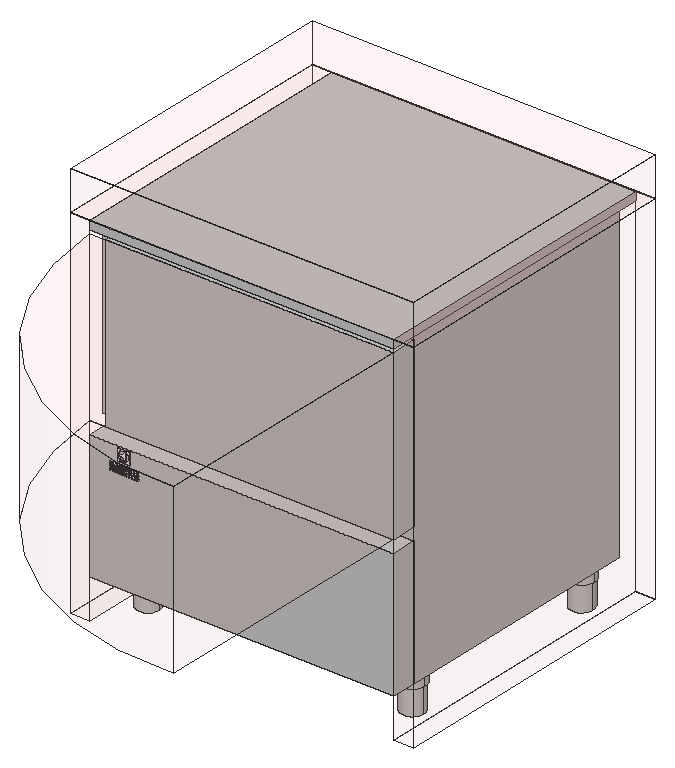
Revit family "QF_ELECTROLUXPROFESSIONAL_725209_ECBCFA015SB", category Attrezzature speciali, Revit 2018
Family settings
  Quota connettore circolare = Usa diametro
  Tipo di parte = Normale
  Basato su piano di lavoro = No
  Sempre verticale = Sì
  Taglio con vuoti quando caricato = No
  Condiviso = No
  Punto di calcolo locali = No
Parameters (values of type "Standard")
  Weight = 85.00 kg
  Watts = 830 W
  Volts = 220 V
  URL Manufacturer = "https://www.electroluxprofessional.com/"
  URL = "https://www.electroluxprofessional.com/"
  Steam Supply Size = 0 mm
  Steam Supply Minimum Pressure = 0.0 Pa
  Steam Supply Maximum Pressure = 0.0 Pa
  Steam Consumption per Hour = 0
  Show Logo [instance] = yes
  Show Clearance [instance] = yes
  Refrigeration Suction Line Size = 0 mm
  Refrigeration Liquid Line Size = 0 mm
  Refrigerant Compressor Remote = yes
  Produttore = "Electrolux Professional"
  Phase = 1
  Modello = "ECBCFA015SB"
  Length Actual = 762 mm  # constant formula
  Item Number = "725209"
  Hot Water Size = 0 mm
  Height Actual = 902 mm  # constant formula
  HP = "1.1 HP"
  Gas Size = 0 mm
  Gas KW = 0
  Gas Input Pressure = 0 W
  Direct Waste Size = 0 mm
  Descrizione = "BLAST CHILLER/FREEZER CW 15KG 5 GN 1/1 - R452A - 60HZ"
  Depth Actual = 760 mm  # constant formula
  Cycle = 60 Hz
  Condensate Return Size = 0 mm
  Compressed Air Volume = 0.0 L/s
  Compressed Air Size = 0 mm
  Compressed Air Pressure = 0.0 Pa
  Cold Water Size = 0 mm
  Accessory = yes
Types (2, lengths in mm): name | URL | Produttore | Phase | Modello | Descrizione
  (no name) | 0 | 0 | 0 | 0 | 0
  Standard | "https://www.electroluxprofessional.com/" | "Electrolux Professional" | 1 | "ECBCFA015SB" | "BLAST CHILLER/FREEZER CW 15KG 5 GN 1/1 - R452A - 60HZ"
Values of the unnamed type that differ from the named types
  Weight = 0.00 kg
  Watts = 0 W
  Volts = 0 V
  URL Manufacturer = ""
  Item Number = ""
  HP = ""
  Cycle = 0 Hz
Reference planes
  plane 1 "Center X": y = 167.851
  plane 2: z = 0
  plane 3 "Center Y": x = -378
  plane 4 "LEFT": x = -759
  plane 5 "BACK": y = 547.851
  plane 6 "RIGHT": x = 3
  plane 7 "FRONT": y = -212.149
  plane 8: z = 100
  plane 9 "TOP": z = 902
  plane 10: x = -710
  plane 11: y = 440.851
  plane 12: x = -46
  plane 13: y = -52.149
  plane 14: y = 496.851
  plane 15: z = 882
  plane 16: y = -902.149
Forms (mm)
  Extrusion 1, solid, material "QF_Finishes_Stainless Steel"
    sketch origin (0, 0, 902) x (-1, 0, 0) y (0, -1, 0)
      loop
        line (759, -496.851) -> (759, 147.149) -> (-3, 147.149) -> (-3, -496.851) -> (759, -496.851)
    from -20 to -802
  Extrusion 2, solid, material "QF_Finishes_Stainless Steel"
    sketch origin (-499.727, 496.851, 794) x (1, 0, 0) y (0, 0, -1)
      loop
        circle (121.727, 644) r 10.5
    from 0 to 10
  Extrusion 3, solid, material "QF_Finishes_Stainless Steel"
    sketch origin (-1206.916, -1524, 100) x (-1, 0, 0) y (0, -1, 0)
      loop
        line (-447.916, -1311.851) -> (-1209.916, -1311.851) -> (-1209.916, -1376.851) -> (-447.916, -1376.851) -> (-447.916, -1311.851)
    from 320.766 to 0
  Extrusion 4, solid, material "QF_Finishes_Stainless Steel"
    sketch origin (-1225.916, -1562, 130) x (0, -1, 0) y (-1, 0, 0)
      loop
        circle (-1673.851, -847.916) r 9.5
    from 30 to 40
  Extrusion 5, solid, material "QF_Finishes_Stainless Steel"
    sketch origin (-623, 0, 1060.038) x (1, 0, 0) y (0, 1, 0)
      loop
        line (626, -212.149) -> (626, -147.149) -> (-136, -147.149) -> (-136, -212.149) -> (626, -212.149)
    from -186.804 to -608.038
  Extrusion 6, solid, material "QF_Finishes_Stainless Steel"
    sketch origin (-1206.916, -1524, 882) x (-1, 0, 0) y (0, -1, 0)
      loop
        line (-447.916, -2071.851) -> (-447.916, -1311.851) -> (-1209.916, -1311.851) -> (-1209.916, -2071.851) -> (-447.916, -2071.851)
    from 20 to 0
  Extrusion 7, solid, material "QF_Clearance", visible <- "Show Clearance"
    sketch origin (0, 0, 0) x (1, 0, 0) y (0, 1, 0)
      loop
        line (-759, 547.851) -> (-809, 547.851) -> (-809, -212.149) -> (-759, -212.149) -> (-759, 547.851)
      loop
        line (53, 547.851) -> (3, 547.851) -> (3, -212.149) -> (53, -212.149) -> (53, 547.851)
    from 0 to 902
  Extrusion 8, solid, material "QF_Clearance", visible <- "Show Clearance"
    sketch origin (0, 0, 0) x (1, 0, 0) y (0, 1, 0)
      loop
        line (-809, 547.851) -> (-809, -212.149) -> (53, -212.149) -> (53, 547.851) -> (-809, 547.851)
    from 902 to 1002
  Extrusion 9, void
    sketch origin (0, 0, 0) x (1, 0, 0) y (0, 1, 0)
      loop
        line (-759, -212.149) -> (-719, -212.149) -> (-719, -172.149) -> (-759, -172.149) -> (-759, -212.149)
    from 452 to 873.234
  Extrusion 10, solid, material "QF_Clearance"
    sketch origin (0, 0, 0) x (1, 0, 0) y (0, 1, 0)
      loop
        line (3, -902.149) -> (3, -212.149) -> (-759, -212.149)
        arc (-759, -212.149) -> (-521.162, -715.25) -> (3, -902.149) r 725.966
    from 452 to 873.234
Cuts and joins
  joined: Extrusion 1, Extrusion 2, Extrusion 4
  Extrusion 9 cuts Extrusion 3
  Extrusion 9 cuts Extrusion 7
  Extrusion 9 cuts Extrusion 5
Lines and regions (mm)
  Split face 1
    outline origin (3, -212.149, 100) x (-1, 0, 0) y (0, 0, -1)
      loop
        line (762, -254.5) -> (544.5, -254.5) -> (522.858, -232.858) -> (239.142, -232.858) -> (217.5, -254.5) -> (0, -254.5)
  Split face 2
    outline origin (3, -212.149, 100) x (-1, 0, 0) y (0, 0, -1)
      loop
        line (762, -212) -> (0, -212)
  Split face 3
    outline origin (3, -212.149, 100) x (-1, 0, 0) y (0, 0, -1)
      loop
        line (408.5, -305.998) -> (408.5, -290.998) -> (353.5, -290.998) -> (353.5, -305.998) -> (408.5, -305.998)
  Split face 4
    outline origin (3, -212.149, 75) x (-1, 0, 0) y (0, 0, -1)
      loop
        line (408.5, -305.998) -> (408.5, -290.998) -> (353.5, -290.998) -> (353.5, -305.998) -> (408.5, -305.998)
  symbolic lines
    curve 1: line (-759, 547.851, 902) -> (3, 547.851, 902)
    curve 2: line (-759, -212.149, 902) -> (-759, 547.851, 902)
    curve 3: line (3, 547.851, 902) -> (3, -212.149, 902)
    curve 4: line (3, -212.149, 0) -> (-759, -212.149, 0)
  symbolic lines, style "QF_Clearances"
    curve 5: line (-809, 547.851, 0) -> (-809, -212.149, 0)
    curve 6: line (-809, -212.149, 0) -> (-759, -212.149, 0)
    curve 7: line (53, 547.851, 0) -> (3, 547.851, 0)
    curve 8: line (53, 547.851, 0) -> (53, -212.149, 0)
    curve 9: line (-759, 547.851, 0) -> (-809, 547.851, 0)
    curve 10: line (3, -212.149, 0) -> (53, -212.149, 0)
  symbolic lines, style "QF_Door-Drawer Clearances"
    curve 11: arc (-759, -212.149, 0) -> (-521.162, -715.25, 0) -> (3, -902.149, 0) r 725.966
    curve 12: line (3, -902.149, 0) -> (3, -212.149, 0)
Dimensions and locks
  equal spacing: plane 4 "LEFT", plane 3 "Center Y", plane 6 "RIGHT"
  plane 4 "LEFT" to plane 6 "RIGHT" = 762 mm
  plane 5 "BACK" to plane 7 "FRONT" = 760 mm
  equal spacing: plane 5 "BACK", plane 1 "Center X", plane 7 "FRONT"
  cut or joined group of Extrusion 1, Extrusion 2, Extrusion 4 to Extrusion 2 sketch curve = 381 mm
  level to Extrusion 2 sketch curve = 150 mm
  plane 5 "BACK" to Extrusion 4 sketch curve = 436 mm
  plane 4 "LEFT" to Extrusion 4 sketch curve = 381 mm
  Extrusion 2 sketch curve to plane 4 "LEFT" = 381 mm
  plane 9 "TOP" to plane 2 = 902 mm
  locked: plane 9 "TOP" to plane 15 at 20
  plane 8 to level = 100 mm
  plane 6 "RIGHT" to plane 12 = 49 mm
  plane 5 "BACK" to plane 14 = 51 mm
  plane 5 "BACK" to plane 16 = 1450 mm
  aligned and locked: level to plane 2
  aligned and locked: plane 12 to nested 3
  aligned and locked: plane 12 to nested 2
  aligned and locked: nested 4 to plane 11
  aligned and locked: nested 3 to plane 11
  aligned and locked: Extrusion 1 to plane 4 "LEFT"
  aligned and locked: plane 6 "RIGHT" to Extrusion 1
  aligned and locked: plane 15 to cut or joined group of Extrusion 1, Extrusion 2, Extrusion 4
  aligned and locked: plane 14 to Extrusion 1
  aligned and locked: Extrusion 8 sketch curve to Extrusion 7  (x4)
  aligned and locked: Extrusion 8 to plane 9 "TOP"
Automatic sketch dimensions
  Extrusion 1 sketch curve to plane 6 "RIGHT" = 0 mm
  Extrusion 1 sketch curve to plane 4 "LEFT" = 0 mm
  Extrusion 1 sketch curve to plane 14 = 0 mm
  plane 7 "FRONT" to Extrusion 1 sketch curve = 65 mm
  curve 1 to plane 5 "BACK" = 0 mm
  curve 1 to plane 6 "RIGHT" = 0 mm
  curve 2 to plane 4 "LEFT" = 0 mm
  curve 3 to plane 7 "FRONT" = 0 mm
  curve 2 to plane 7 "FRONT" = 0 mm
  Extrusion 3 sketch curve to plane 6 "RIGHT" = 0 mm
  Extrusion 3 sketch curve to plane 4 "LEFT" = 0 mm
  Extrusion 3 sketch curve to plane 7 "FRONT" = 0 mm
  Extrusion 3 sketch curve to Extrusion 3 sketch curve = 65 mm
  Extrusion 5 sketch curve to plane 7 "FRONT" = 0 mm
  Extrusion 5 sketch curve to plane 10 = 49 mm
  Extrusion 5 sketch curve to plane 6 "RIGHT" = 0 mm
  Extrusion 5 sketch curve to Extrusion 5 sketch curve = 65 mm
  Extrusion 6 sketch curve to plane 5 "BACK" = 0 mm
  Extrusion 6 sketch curve to plane 6 "RIGHT" = 0 mm
  Extrusion 6 sketch curve to plane 4 "LEFT" = 0 mm
  Extrusion 6 sketch curve to plane 7 "FRONT" = 0 mm
  Split face 2 sketch curve to Extrusion 3 = 0 mm
  Extrusion 3 to Split face 2 sketch curve = 0 mm
  Split face 2 sketch curve to Extrusion 3 = 108.766 mm
  Split face 3 sketch curve to Extrusion 3 = 14.768 mm
  Split face 3 sketch curve to Extrusion 3 = 353.5 mm
  Split face 3 sketch curve to Split face 3 sketch curve = 55 mm
  Split face 3 sketch curve to Split face 3 sketch curve = 15 mm
  Split face 4 sketch curve to Extrusion 3 = 39.768 mm
  Split face 4 sketch curve to Extrusion 3 = 353.5 mm
  Split face 4 sketch curve to Split face 4 sketch curve = 55 mm
  Split face 4 sketch curve to Split face 4 sketch curve = 15 mm
  Extrusion 7 sketch curve to plane 7 "FRONT" = 0 mm  (x2)
  Extrusion 7 sketch curve to plane 5 "BACK" = 0 mm  (x2)
  Extrusion 7 sketch curve to plane 4 "LEFT" = 0 mm
  Extrusion 7 sketch curve to plane 6 "RIGHT" = 0 mm
  Extrusion 7 sketch curve to Extrusion 7 sketch curve = 50 mm
  plane 6 "RIGHT" to Extrusion 7 sketch curve = 50 mm
  curve 6 to plane 7 "FRONT" = 0 mm
  curve 5 to plane 5 "BACK" = 0 mm
  plane 6 "RIGHT" to curve 8 = 50 mm
  curve 7 to plane 5 "BACK" = 0 mm
  curve 6 to plane 4 "LEFT" = 0 mm
  curve 9 to plane 4 "LEFT" = 0 mm
  curve 9 to curve 9 = 50 mm
  curve 7 to plane 6 "RIGHT" = 0 mm
  Extrusion 9 sketch curve to plane 4 "LEFT" = 0 mm
  Extrusion 9 sketch curve to plane 7 "FRONT" = 0 mm
  Extrusion 9 sketch curve to plane 10 = 9 mm
  plane 7 "FRONT" to Extrusion 9 sketch curve = 40 mm
  Extrusion 10 sketch curve to plane 4 "LEFT" = 0 mm
  Extrusion 10 sketch curve to plane 6 "RIGHT" = 0 mm
  Extrusion 10 sketch curve to plane 16 = 0 mm
  Extrusion 10 sketch curve to plane 7 "FRONT" = 0 mm
  plane 12 to Extrusion 10 sketch curve = 12.12 mm
  curve 11 to plane 6 "RIGHT" = 0 mm
  curve 11 to plane 16 = 0 mm
  plane 12 to curve 11 = 12.12 mm
  Split face 1 sketch curve to Extrusion 3 = 0 mm
  Extrusion 3 to Split face 1 sketch curve = 0 mm
  Split face 1 sketch curve to Extrusion 3 = 66.266 mm
  Split face 1 sketch curve to Extrusion 3 = 217.5 mm
  Split face 1 sketch curve to Split face 1 sketch curve = 21.642 mm  (x3)
  Split face 1 sketch curve to Extrusion 3 = 87.908 mm
  Split face 1 sketch curve to Extrusion 3 = 239.142 mm
  radius of Extrusion 2 sketch curve = 10.5 mm
  radius of Extrusion 4 sketch curve = 9.5 mm
Nested families
  nested 1: "Foot_Complete" at (-710, -91.149, 0), type "Foot_Complete"
    with H 100 mm
  nested 2: "Foot_Complete" at (-46, -91.149, 0), type "Foot_Complete"
    with H 100 mm
  nested 3: "Foot_Complete" at (-46, 440.851, 0), type "Foot_Complete"
    with H 100 mm
  nested 4: "Foot_Complete" at (-710, 440.851, 0), type "Foot_Complete"
    with H 100 mm
  nested 5: "ELX_Pro_Logo" at (-673, -212.149, 384.5) x (1, 0, 0) z (0, -1, 0), type "ELX_Pro_Logo"
Connectors
  electrical at (-378, 506.851, 150), driven by "Volts"
    settings: on Extrusion 2, index 5, voltage 220 V, apparent load 0 VA, apparent load phase1 0 VA, apparent load phase2 0 VA, apparent load phase3 0 VA, power factor 1, load classification "Altro", number of poles 1, system type 30, power factor state 1, is connector primary yes, connector utility no, sub classification motor no, connector description "Electrical Connection"
  piping at (-378, 111.851, 90), diameter 19
    settings: on cut or joined group of Extrusion 1, Extrusion 2, Extrusion 4, index 6, connector inside diameter 609.6 mm, connector length 0 mm, flow factor 0, pipe flow 0.0 L/s, pressure drop 0.0 Pa, fitting loss kfactor 0, connector angle 0.00°, fixture units 0, engagement length 0 mm, angle of deflection 0.00°, flow configuration 1, flow direction 2, fitting loss method 0, system type 16, joint type 0, gender type 0, connector reference index -1, connector utility 0, adjustable connector no, is connector primary yes, connector description "Drain"
Definition of nested family "Foot_Complete"
  Parameters
    R = 32 mm
    H = 150 mm
  Reference planes
    plane 1 "Centro (Fronte/Retro)": y = 0
    plane 2: z = 0
    plane 3 "Centro (Sinistra/Destra)": x = 0
    plane 4: z = 150
  Forms (mm)
    Revolve 1, solid
      sketch origin (255.05, 0, 608.09) x (0, 0, 1) y (-1, 0, 0)
        loop
          line (-608.09, 255.05) -> (-608.09, 226.55) -> (-544.09, 226.55) -> (-544.09, 223.05) -> (-458.09, 223.05) -> (-458.09, 255.05) -> (-608.09, 255.05)
        axis (-608.09, 255.05) -> (-458.09, 255.05)
      angle from 0 to 360
  Dimensions and locks
    locked: level to Revolve 1 sketch curve at 64
    "R": Revolve 1 sketch curve to plane 3 "Centro (Sinistra/Destra)"
    "H": plane 4 to level
    aligned and locked: level to plane 2
    aligned and locked: plane 4 to Revolve 1 sketch curve
    aligned and locked: Revolve 1 sketch curve to level
    aligned and locked: plane 3 "Centro (Sinistra/Destra)" to Revolve 1 sketch curve
  Automatic sketch dimensions
    Revolve 1 sketch curve to plane 3 "Centro (Sinistra/Destra)" = 0 mm
    plane 3 "Centro (Sinistra/Destra)" to Revolve 1 sketch curve = 28.5 mm
    Revolve 1 sketch curve to Revolve 1 sketch curve = 50 mm
    Revolve 1 sketch curve to Revolve 1 sketch curve = 20 mm
Definition of nested family "ELX_Pro_Logo"
  Parameters (values of type "ELX_Pro_Logo")
    M = none
    Default Elevation = 0 mm
  Reference planes
    plane 1 "Centro (Fronte/Retro)": y = 0
    plane 2: z = 0
    plane 3 "Centro (Sinistra/Destra)": x = 0
  Forms (mm)
    Extrusion 1, solid
      sketch origin (0, 0, 0) x (1, 0, 0) y (0, 1, 0)
        loop
          line (-1219.2, 1219.2) -> (-1219.2, -1219.2) -> (1219.2, -1219.2) -> (1219.2, 1219.2) -> (-1219.2, 1219.2)
      from 0 to -304.8
    Extrusion 2, solid, material <- "M"
      sketch origin (-144.622, -1081.55, 0) x (-1, 0, 0) y (0, -1, 0)
        loop
          line (-111.329, -1069.559) -> (-111.329, -1071.073) -> (-116.048, -1071.073) -> (-116.048, -1072.896) -> (-111.328, -1072.896) -> (-111.328, -1075.549) -> (-116.349, -1075.549) -> (-116.349, -1077.368) -> (-109.396, -1077.368) -> (-109.396, -1073.46) -> (-109.396, -1069.659)
          arc (-109.396, -1069.659) -> (-110.425, -1067.175) -> (-112.909, -1066.146) r 3.513
          line (-112.909, -1066.146) -> (-116.483, -1066.146) -> (-116.483, -1067.963) -> (-112.925, -1067.963)
          arc (-112.925, -1067.963) -> (-111.797, -1068.431) -> (-111.329, -1069.559) r 1.596
        loop
          line (-119.79, -1077.358) -> (-117.856, -1077.358) -> (-117.856, -1072.053) -> (-117.856, -1066.132) -> (-119.79, -1066.132) -> (-119.79, -1072.092) -> (-119.79, -1077.358)
        loop
          line (-122.986, -1069.718) -> (-129.327, -1069.718)
          arc (-129.327, -1069.718) -> (-129.219, -1071.449) -> (-128.497, -1073.026) r 4.757
          arc (-128.497, -1073.026) -> (-125.237, -1074.5) -> (-121.978, -1073.026) r 4.34
          arc (-121.978, -1073.026) -> (-121.072, -1070.207) -> (-121.978, -1067.388) r 4.838
          arc (-121.978, -1067.388) -> (-125.393, -1065.933) -> (-128.809, -1067.388) r 4.737
          line (-128.809, -1067.388) -> (-127.645, -1068.52)
          arc (-127.645, -1068.52) -> (-125.509, -1067.576) -> (-123.374, -1068.52) r 2.888
          arc (-123.374, -1068.52) -> (-123.05, -1069.077) -> (-122.986, -1069.718) r 1.527
        loop
          arc (-127.386, -1071.076) -> (-126.67, -1072.331) -> (-125.331, -1072.872) r 2.201
          arc (-125.331, -1072.872) -> (-123.848, -1072.402) -> (-123.033, -1071.076) r 2.23
          line (-123.033, -1071.076) -> (-127.386, -1071.076)
        loop
          line (-136.862, -1071.886) -> (-138.059, -1073.132)
          arc (-138.059, -1073.132) -> (-130.327, -1070.219) -> (-138.059, -1067.306) r 4.415
          line (-138.059, -1067.306) -> (-136.862, -1068.553)
          arc (-136.862, -1068.553) -> (-132.252, -1070.22) -> (-136.862, -1071.886) r 2.606
        loop
          line (-141.192, -1069.673) -> (-141.192, -1072.494) -> (-142.951, -1072.494) -> (-142.951, -1074.25) -> (-141.195, -1074.25) -> (-141.195, -1077.358) -> (-139.262, -1077.358) -> (-139.262, -1073.332) -> (-139.262, -1069.514)
          arc (-139.262, -1069.514) -> (-140.299, -1066.92) -> (-142.98, -1066.132) r 3.196
          line (-142.98, -1066.132) -> (-142.987, -1067.949)
          arc (-142.987, -1067.949) -> (-141.652, -1068.356) -> (-141.192, -1069.673) r 1.542
        loop
          line (-146.494, -1073.042) -> (-146.494, -1074.25) -> (-144.576, -1074.25) -> (-144.576, -1070.271) -> (-144.576, -1066.132) -> (-146.494, -1066.132) -> (-146.494, -1070.401)
          arc (-146.494, -1070.401) -> (-147.446, -1072.228) -> (-149.489, -1072.494) r 2.229
          line (-149.489, -1072.494) -> (-149.489, -1074.362)
          arc (-149.489, -1074.362) -> (-147.761, -1074.226) -> (-146.494, -1073.042) r 2.627
        loop
          line (-159.833, -1072.246) -> (-159.833, -1066.131) -> (-161.767, -1066.131) -> (-161.767, -1072.17) -> (-161.767, -1077.359) -> (-159.833, -1077.359) -> (-159.833, -1072.246)
        loop
          line (-165.194, -1069.514) -> (-165.194, -1074.25) -> (-163.245, -1074.25) -> (-163.245, -1071.898) -> (-163.245, -1069.098)
          arc (-163.245, -1069.098) -> (-166.96, -1065.769) -> (-170.687, -1069.085) r 3.745
          line (-170.687, -1069.085) -> (-170.687, -1071.898) -> (-170.687, -1074.25) -> (-168.739, -1074.25) -> (-168.739, -1069.514)
          arc (-168.739, -1069.514) -> (-166.967, -1067.742) -> (-165.194, -1069.514) r 1.772
        loop
          line (-174.654, -1070.416) -> (-172.975, -1068.078) -> (-171.578, -1066.131) -> (-173.656, -1066.131) -> (-175.717, -1068.999) -> (-177.779, -1066.131) -> (-179.857, -1066.131) -> (-178, -1068.728) -> (-176.781, -1070.433) -> (-178.29, -1072.488) -> (-179.583, -1074.25) -> (-177.473, -1074.25) -> (-175.717, -1071.818) -> (-173.945, -1074.25) -> (-171.852, -1074.25) -> (-173.052, -1072.608) -> (-174.654, -1070.416)
        loop
          circle (-154.223, -1070.188) r 2.508
        loop
          circle (-154.223, -1070.188) r 4.42
        loop
          line (-110.224, -1058.542) -> (-111.194, -1058.542)
          arc (-111.194, -1058.542) -> (-112.217, -1059.95) -> (-110.924, -1061.114) r 1.3
          line (-110.924, -1061.114) -> (-109.424, -1061.114) -> (-109.424, -1057.223) -> (-110.224, -1057.223) -> (-110.224, -1058.542)
        loop
          line (-110.224, -1060.379) -> (-110.224, -1059.293) -> (-111.03, -1059.293)
          arc (-111.03, -1059.293) -> (-111.43, -1059.836) -> (-111.03, -1060.379) r 0.569
          line (-111.03, -1060.379) -> (-110.224, -1060.379)
        loop
          line (-116.302, -1058.564) -> (-117.128, -1058.564) -> (-117.934, -1057.223) -> (-118.841, -1057.223) -> (-117.833, -1058.884)
          arc (-117.833, -1058.884) -> (-118.214, -1060.282) -> (-117.028, -1061.114) r 1.26
          line (-117.028, -1061.114) -> (-115.503, -1061.114) -> (-115.503, -1057.223) -> (-116.302, -1057.223) -> (-116.302, -1058.564)
        loop
          line (-116.302, -1060.379) -> (-116.302, -1059.293) -> (-117.109, -1059.293)
          arc (-117.109, -1059.293) -> (-117.508, -1059.836) -> (-117.109, -1060.379) r 0.569
          line (-117.109, -1060.379) -> (-116.302, -1060.379)
        loop
          line (-128.923, -1057.223) -> (-129.723, -1057.223) -> (-129.723, -1058.714) -> (-131.187, -1058.714) -> (-131.187, -1059.514) -> (-129.723, -1059.514) -> (-129.723, -1060.314) -> (-131.327, -1060.314) -> (-131.327, -1061.114) -> (-128.923, -1061.114) -> (-128.923, -1057.223)
        loop
          arc (-134.628, -1058.469) -> (-134.992, -1057.588) -> (-135.874, -1057.223) r 1.246
          line (-135.874, -1057.223) -> (-137.13, -1057.223) -> (-137.13, -1058.023) -> (-135.969, -1058.023)
          arc (-135.969, -1058.023) -> (-135.53, -1058.237) -> (-135.427, -1058.714) r 0.558
          line (-135.427, -1058.714) -> (-136.984, -1058.714) -> (-136.984, -1059.514) -> (-135.427, -1059.514) -> (-135.427, -1060.314) -> (-137.092, -1060.314) -> (-137.092, -1061.114) -> (-134.628, -1061.114) -> (-134.628, -1058.469)
        loop
          line (-152.3, -1057.223) -> (-153.1, -1057.223) -> (-153.1, -1061.114) -> (-152.3, -1061.114) -> (-152.3, -1057.223)
        loop
          line (-164.67, -1057.223) -> (-164.67, -1059.67) -> (-166.45, -1057.223) -> (-167.25, -1057.223) -> (-167.25, -1061.114) -> (-166.42, -1061.114) -> (-166.42, -1058.594) -> (-164.64, -1061.114) -> (-163.84, -1061.114) -> (-163.84, -1057.223) -> (-164.67, -1057.223)
        loop
          line (-170.403, -1057.223) -> (-171.262, -1057.223) -> (-171.641, -1058.063) -> (-173.08, -1058.063) -> (-173.459, -1057.223) -> (-174.317, -1057.223) -> (-172.796, -1061.113) -> (-171.996, -1061.113) -> (-170.403, -1057.223)
        loop
          line (-177.493, -1057.223) -> (-179.789, -1057.223) -> (-179.789, -1058.023) -> (-178.293, -1058.023) -> (-178.293, -1061.114) -> (-177.493, -1061.114) -> (-177.493, -1057.223)
        loop
          line (-172.362, -1059.848) -> (-171.945, -1058.83) -> (-172.76, -1058.83) -> (-172.362, -1059.848)
        loop
          circle (-158.484, -1059.145) r 1.288
        loop
          circle (-158.484, -1059.145) r 2.065
        loop
          arc (-146.04, -1058.095) -> (-146.933, -1057.275) -> (-148.145, -1057.245) r 1.725
          arc (-148.145, -1057.245) -> (-148.965, -1058.02) -> (-148.68, -1059.111) r 1.107
          arc (-148.68, -1059.111) -> (-148.103, -1059.465) -> (-147.486, -1059.746) r 5.523
          arc (-147.486, -1059.746) -> (-147.147, -1060.262) -> (-147.708, -1060.52) r 0.407
          arc (-147.708, -1060.52) -> (-148.045, -1060.315) -> (-148.325, -1060.038) r 1.702
          line (-148.325, -1060.038) -> (-149.011, -1060.45)
          arc (-149.011, -1060.45) -> (-148.578, -1060.911) -> (-148.043, -1061.247) r 2.463
          arc (-148.043, -1061.247) -> (-146.373, -1060.466) -> (-147.42, -1058.949) r 1.207
          spline (-147.42, -1058.949) -> (-147.716, -1058.809) -> (-147.932, -1058.678) -> (-148.077, -1058.557) -> (-148.163, -1058.446) -> (-148.198, -1058.347) -> (-148.192, -1058.258) -> (-148.157, -1058.182) -> (-148.102, -1058.118) -> (-148.037, -1058.068) -> (-147.972, -1058.031) -> (-147.917, -1058.008) -> (-147.883, -1058)
          arc (-147.883, -1058) -> (-147.238, -1058.014) -> (-146.759, -1058.446) r 0.925
          line (-146.759, -1058.446) -> (-146.04, -1058.095)
        loop
          arc (-140.18, -1058.095) -> (-141.073, -1057.275) -> (-142.285, -1057.245) r 1.725
          arc (-142.285, -1057.245) -> (-143.106, -1058.02) -> (-142.821, -1059.111) r 1.107
          arc (-142.821, -1059.111) -> (-142.243, -1059.465) -> (-141.627, -1059.746) r 5.523
          arc (-141.627, -1059.746) -> (-141.287, -1060.262) -> (-141.849, -1060.52) r 0.407
          arc (-141.849, -1060.52) -> (-142.185, -1060.315) -> (-142.466, -1060.038) r 1.702
          line (-142.466, -1060.038) -> (-143.151, -1060.45)
          arc (-143.151, -1060.45) -> (-142.719, -1060.911) -> (-142.183, -1061.247) r 2.463
          arc (-142.183, -1061.247) -> (-140.513, -1060.466) -> (-141.56, -1058.949) r 1.207
          spline (-141.56, -1058.949) -> (-141.856, -1058.809) -> (-142.072, -1058.678) -> (-142.218, -1058.557) -> (-142.303, -1058.446) -> (-142.338, -1058.347) -> (-142.333, -1058.258) -> (-142.298, -1058.182) -> (-142.242, -1058.118) -> (-142.177, -1058.068) -> (-142.112, -1058.031) -> (-142.057, -1058.008) -> (-142.023, -1058)
          arc (-142.023, -1058) -> (-141.378, -1058.014) -> (-140.9, -1058.446) r 0.925
          line (-140.9, -1058.446) -> (-140.18, -1058.095)
        loop
          circle (-123.484, -1059.145) r 1.288
        loop
          circle (-123.484, -1059.145) r 2.065
        loop
          line (-130.225, -1113.361) -> (-130.225, -1084.645) -> (-158.979, -1084.645) -> (-158.979, -1113.361) -> (-130.225, -1113.361)
        loop
          arc (-148.442, -1086.055) -> (-157.992, -1098.973) -> (-148.442, -1111.892) r 13.512
          line (-148.442, -1111.892) -> (-148.442, -1086.055)
        loop
          line (-147.127, -1086.055) -> (-147.127, -1087.926)
          arc (-147.127, -1087.926) -> (-143.116, -1095.125) -> (-135.48, -1098.224) r 12.412
          line (-135.48, -1098.224) -> (-131.205, -1098.224)
          arc (-131.205, -1098.224) -> (-136.382, -1088.497) -> (-147.127, -1086.055) r 13.242
        loop
          line (-147.127, -1110.021) -> (-147.127, -1112.224)
          arc (-147.127, -1112.224) -> (-136.374, -1109.53) -> (-131.205, -1099.722) r 13.588
          line (-131.205, -1099.722) -> (-135.48, -1099.722)
          arc (-135.48, -1099.722) -> (-143.116, -1102.822) -> (-147.127, -1110.021) r 12.412
      from 0 to 1.6
  Lines and regions (mm)
    symbolic lines
      curve 1: line (-14.357, 31.811, 0) -> (14.357, 31.811, 0)
      curve 2: line (-14.357, 3.095, 0) -> (-14.357, 31.811, 0)
      curve 3: line (14.357, 3.095, 0) -> (-14.357, 3.095, 0)
      curve 4: line (14.357, 31.811, 0) -> (14.357, 3.095, 0)
      curve 5: line (-8.32, 7.722, 0) -> (-9.387, 8.738, 0)
      curve 6: line (-9.387, 8.738, 0) -> (-10.331, 9.866, 0)
      curve 7: line (-10.331, 9.866, 0) -> (-11.141, 11.095, 0)
      curve 8: line (-11.141, 11.095, 0) -> (-11.805, 12.411, 0)
      curve 9: line (-11.805, 12.411, 0) -> (-12.31, 13.803, 0)
      curve 10: line (-12.31, 13.803, 0) -> (-12.646, 15.26, 0)
      curve 11: line (-12.646, 15.26, 0) -> (-12.8, 16.77, 0)
      curve 12: line (-12.8, 16.77, 0) -> (-10.081, 16.77, 0)
      curve 13: line (-10.081, 16.77, 0) -> (-8.466, 16.661, 0)
      curve 14: line (-8.466, 16.661, 0) -> (-6.88, 16.344, 0)
      curve 15: line (-6.88, 16.344, 0) -> (-5.345, 15.833, 0)
      curve 16: line (-5.345, 15.833, 0) -> (-3.882, 15.143, 0)
      curve 17: line (-3.882, 15.143, 0) -> (-2.511, 14.288, 0)
      curve 18: line (-2.511, 14.288, 0) -> (-1.255, 13.283, 0)
      curve 19: line (-1.255, 13.283, 0) -> (-0.135, 12.143, 0)
      curve 20: line (-0.135, 12.143, 0) -> (0.83, 10.882, 0)
      curve 21: line (0.83, 10.882, 0) -> (1.616, 9.515, 0)
      curve 22: arc (1.616, 9.515, 0) -> (2.419, 7.28, 0) -> (2.7, 4.923, 0) r 10.532
      curve 23: arc (2.7, 4.923, 0) -> (1.362, 4.715, 0) -> (0.011, 4.633, 0) r 14.39
      curve 24: line (0.011, 4.633, 0) -> (-1.56, 4.731, 0)
      curve 25: line (-1.56, 4.731, 0) -> (-3.062, 5.011, 0)
      curve 26: line (-3.062, 5.011, 0) -> (-4.502, 5.462, 0)
      curve 27: line (-4.502, 5.462, 0) -> (-5.866, 6.072, 0)
      curve 28: line (-5.866, 6.072, 0) -> (-7.142, 6.829, 0)
      curve 29: line (-7.142, 6.829, 0) -> (-8.32, 7.722, 0)
      curve 30: line (-10.802, 24.24, 0) -> (-9.872, 25.531, 0)
      curve 31: line (-9.872, 25.531, 0) -> (-8.796, 26.699, 0)
      curve 32: line (-8.796, 26.699, 0) -> (-7.587, 27.728, 0)
      curve 33: line (-7.587, 27.728, 0) -> (-6.258, 28.602, 0)
      curve 34: line (-6.258, 28.602, 0) -> (-4.823, 29.309, 0)
      curve 35: line (-4.823, 29.309, 0) -> (-3.293, 29.832, 0)
      curve 36: line (-3.293, 29.832, 0) -> (-1.683, 30.156, 0)
      curve 37: arc (-1.683, 30.156, 0) -> (0.517, 30.256, 0) -> (2.702, 29.984, 0) r 13.008
      curve 38: arc (2.702, 29.984, 0) -> (2.453, 27.616, 0) -> (1.617, 25.387, 0) r 9.395
      curve 39: line (1.617, 25.387, 0) -> (0.83, 24.018, 0)
      curve 40: line (0.83, 24.018, 0) -> (-0.134, 22.756, 0)
      curve 41: line (-0.134, 22.756, 0) -> (-1.255, 21.615, 0)
      curve 42: line (-1.255, 21.615, 0) -> (-2.512, 20.609, 0)
      curve 43: line (-2.512, 20.609, 0) -> (-3.882, 19.754, 0)
      curve 44: line (-3.882, 19.754, 0) -> (-5.346, 19.063, 0)
      curve 45: line (-5.346, 19.063, 0) -> (-6.881, 18.551, 0)
      curve 46: line (-6.881, 18.551, 0) -> (-8.467, 18.234, 0)
      curve 47: line (-8.467, 18.234, 0) -> (-10.083, 18.125, 0)
      curve 48: line (-10.083, 18.125, 0) -> (-12.798, 18.125, 0)
      curve 49: line (-12.798, 18.125, 0) -> (-12.584, 19.768, 0)
      curve 50: line (-12.584, 19.768, 0) -> (-12.171, 21.343, 0)
      curve 51: line (-12.171, 21.343, 0) -> (-11.572, 22.839, 0)
      curve 52: line (-11.572, 22.839, 0) -> (-10.802, 24.24, 0)
      curve 53: line (4.048, 5.294, 0) -> (4.048, 29.617, 0)
      curve 54: line (4.048, 29.617, 0) -> (5.525, 29.026, 0)
      curve 55: line (5.525, 29.026, 0) -> (6.905, 28.26, 0)
      curve 56: line (6.905, 28.26, 0) -> (8.174, 27.332, 0)
      curve 57: line (8.174, 27.332, 0) -> (9.318, 26.256, 0)
      curve 58: line (9.318, 26.256, 0) -> (10.323, 25.046, 0)
      curve 59: line (10.323, 25.046, 0) -> (11.177, 23.715, 0)
      curve 60: line (11.177, 23.715, 0) -> (11.865, 22.277, 0)
      curve 61: line (11.865, 22.277, 0) -> (12.375, 20.746, 0)
      curve 62: line (12.375, 20.746, 0) -> (12.693, 19.135, 0)
      curve 63: line (12.693, 19.135, 0) -> (12.804, 17.459, 0)
      curve 64: line (12.804, 17.459, 0) -> (12.702, 15.807, 0)
      curve 65: line (12.702, 15.807, 0) -> (12.396, 14.216, 0)
      curve 66: line (12.396, 14.216, 0) -> (11.897, 12.7, 0)
      curve 67: line (11.897, 12.7, 0) -> (11.218, 11.271, 0)
      curve 68: line (11.218, 11.271, 0) -> (10.372, 9.944, 0)
      curve 69: line (10.372, 9.944, 0) -> (9.37, 8.731, 0)
      curve 70: line (9.37, 8.731, 0) -> (8.224, 7.646, 0)
      curve 71: line (8.224, 7.646, 0) -> (6.947, 6.703, 0)
      curve 72: line (6.947, 6.703, 0) -> (5.551, 5.914, 0)
      curve 73: line (5.551, 5.914, 0) -> (4.048, 5.294, 0)
      curve 74: line (-35.227, -8.09, 0) -> (-35.227, -11.891, 0)
      curve 75: arc (-35.227, -11.891, 0) -> (-34.198, -14.375, 0) -> (-31.714, -15.404, 0) r 3.513
      curve 76: line (-31.714, -15.404, 0) -> (-28.139, -15.404, 0)
      curve 77: line (-28.139, -15.404, 0) -> (-28.139, -13.587, 0)
      curve 78: line (-28.139, -13.587, 0) -> (-31.697, -13.587, 0)
      curve 79: arc (-31.697, -13.587, 0) -> (-32.826, -13.119, 0) -> (-33.293, -11.991, 0) r 1.596
      curve 80: line (-33.293, -11.991, 0) -> (-33.293, -10.477, 0)
      curve 81: line (-33.293, -10.477, 0) -> (-28.574, -10.477, 0)
      curve 82: line (-28.574, -10.477, 0) -> (-28.574, -8.654, 0)
      curve 83: line (-28.574, -8.654, 0) -> (-33.294, -8.654, 0)
      curve 84: line (-33.294, -8.654, 0) -> (-33.294, -6.001, 0)
      curve 85: line (-33.294, -6.001, 0) -> (-28.273, -6.001, 0)
      curve 86: line (-28.273, -6.001, 0) -> (-28.273, -4.182, 0)
      curve 87: line (-28.273, -4.182, 0) -> (-35.227, -4.182, 0)
      curve 88: line (-35.227, -4.182, 0) -> (-35.227, -8.09, 0)
      curve 89: line (-24.833, -9.458, 0) -> (-24.833, -4.192, 0)
      curve 90: line (-24.833, -4.192, 0) -> (-26.766, -4.192, 0)
      curve 91: line (-26.766, -4.192, 0) -> (-26.766, -9.497, 0)
      curve 92: line (-26.766, -9.497, 0) -> (-26.766, -15.418, 0)
      curve 93: line (-26.766, -15.418, 0) -> (-24.833, -15.418, 0)
      curve 94: line (-24.833, -15.418, 0) -> (-24.833, -9.458, 0)
      curve 95: arc (-16.125, -8.524, 0) -> (-19.385, -7.05, 0) -> (-22.645, -8.524, 0) r 4.34
      curve 96: arc (-22.645, -8.524, 0) -> (-23.551, -11.343, 0) -> (-22.645, -14.162, 0) r 4.838
      curve 97: arc (-22.645, -14.162, 0) -> (-19.229, -15.617, 0) -> (-15.813, -14.162, 0) r 4.737
      curve 98: line (-15.813, -14.162, 0) -> (-16.978, -13.03, 0)
      curve 99: arc (-16.978, -13.03, 0) -> (-19.113, -13.974, 0) -> (-21.249, -13.03, 0) r 2.888
      curve 100: arc (-21.249, -13.03, 0) -> (-21.572, -12.473, 0) -> (-21.637, -11.832, 0) r 1.527
      curve 101: line (-21.637, -11.832, 0) -> (-15.295, -11.832, 0)
      curve 102: arc (-15.295, -11.832, 0) -> (-15.404, -10.101, 0) -> (-16.125, -8.524, 0) r 4.757
      curve 103: line (-17.236, -10.474, 0) -> (-21.589, -10.474, 0)
      curve 104: arc (-21.589, -10.474, 0) -> (-20.774, -9.148, 0) -> (-19.291, -8.678, 0) r 2.23
      curve 105: arc (-19.291, -8.678, 0) -> (-17.952, -9.219, 0) -> (-17.236, -10.474, 0) r 2.201
      curve 106: arc (-6.563, -8.418, 0) -> (-14.295, -11.331, 0) -> (-6.563, -14.244, 0) r 4.415
      curve 107: line (-6.563, -14.244, 0) -> (-7.761, -12.997, 0)
      curve 108: arc (-7.761, -12.997, 0) -> (-12.371, -11.33, 0) -> (-7.761, -9.664, 0) r 2.606
      curve 109: line (-7.761, -9.664, 0) -> (-6.563, -8.418, 0)
      curve 110: line (-5.361, -4.192, 0) -> (-5.361, -8.218, 0)
      curve 111: line (-5.361, -8.218, 0) -> (-5.361, -12.036, 0)
      curve 112: arc (-5.361, -12.036, 0) -> (-4.323, -14.63, 0) -> (-1.642, -15.418, 0) r 3.196
      curve 113: line (-1.642, -15.418, 0) -> (-1.636, -13.601, 0)
      curve 114: arc (-1.636, -13.601, 0) -> (-2.97, -13.194, 0) -> (-3.43, -11.877, 0) r 1.542
      curve 115: line (-3.43, -11.877, 0) -> (-3.43, -9.056, 0)
      curve 116: line (-3.43, -9.056, 0) -> (-1.672, -9.056, 0)
      curve 117: line (-1.672, -9.056, 0) -> (-1.672, -7.299, 0)
      curve 118: line (-1.672, -7.299, 0) -> (-3.427, -7.299, 0)
      curve 119: line (-3.427, -7.299, 0) -> (-3.427, -4.192, 0)
      curve 120: line (-3.427, -4.192, 0) -> (-5.361, -4.192, 0)
      curve 121: line (1.872, -7.3, 0) -> (-0.046, -7.3, 0)
      curve 122: line (-0.046, -7.3, 0) -> (-0.046, -11.279, 0)
      curve 123: line (-0.046, -11.279, 0) -> (-0.046, -15.418, 0)
      curve 124: line (-0.046, -15.418, 0) -> (1.872, -15.418, 0)
      curve 125: line (1.872, -15.418, 0) -> (1.872, -11.149, 0)
      curve 126: arc (1.872, -11.149, 0) -> (2.824, -9.322, 0) -> (4.867, -9.056, 0) r 2.229
      curve 127: line (4.867, -9.056, 0) -> (4.867, -7.188, 0)
      curve 128: arc (4.867, -7.188, 0) -> (3.138, -7.324, 0) -> (1.872, -8.508, 0) r 2.627
      curve 129: line (1.872, -8.508, 0) -> (1.872, -7.3, 0)
      curve 130: arc (7.092, -11.362, 0) -> (9.601, -8.854, 0) -> (12.109, -11.362, 0) r 2.508
      curve 131: arc (12.109, -11.362, 0) -> (9.601, -13.871, 0) -> (7.092, -11.362, 0) r 2.508
      curve 132: arc (5.18, -11.362, 0) -> (9.601, -15.783, 0) -> (14.021, -11.362, 0) r 4.42
      curve 133: arc (14.021, -11.362, 0) -> (9.601, -6.942, 0) -> (5.18, -11.362, 0) r 4.42
      curve 134: line (15.211, -4.191, 0) -> (15.211, -9.304, 0)
      curve 135: line (15.211, -9.304, 0) -> (15.211, -15.419, 0)
      curve 136: line (15.211, -15.419, 0) -> (17.145, -15.419, 0)
      curve 137: line (17.145, -15.419, 0) -> (17.145, -9.38, 0)
      curve 138: line (17.145, -9.38, 0) -> (17.145, -4.191, 0)
      curve 139: line (17.145, -4.191, 0) -> (15.211, -4.191, 0)
      curve 140: line (18.622, -7.299, 0) -> (18.622, -9.652, 0)
      curve 141: line (18.622, -9.652, 0) -> (18.622, -12.452, 0)
      curve 142: arc (18.622, -12.452, 0) -> (22.338, -15.781, 0) -> (26.064, -12.465, 0) r 3.745
      curve 143: line (26.064, -12.465, 0) -> (26.064, -9.652, 0)
      curve 144: line (26.064, -9.652, 0) -> (26.064, -7.299, 0)
      curve 145: line (26.064, -7.299, 0) -> (24.116, -7.299, 0)
      curve 146: line (24.116, -7.299, 0) -> (24.116, -12.036, 0)
      curve 147: arc (24.116, -12.036, 0) -> (22.344, -13.808, 0) -> (20.572, -12.036, 0) r 1.772
      curve 148: line (20.572, -12.036, 0) -> (20.572, -7.299, 0)
      curve 149: line (20.572, -7.299, 0) -> (18.622, -7.299, 0)
      curve 150: line (28.43, -8.942, 0) -> (30.032, -11.134, 0)
      curve 151: line (30.032, -11.134, 0) -> (28.353, -13.472, 0)
      curve 152: line (28.353, -13.472, 0) -> (26.955, -15.419, 0)
      curve 153: line (26.955, -15.419, 0) -> (29.033, -15.419, 0)
      curve 154: line (29.033, -15.419, 0) -> (31.095, -12.551, 0)
      curve 155: line (31.095, -12.551, 0) -> (33.156, -15.419, 0)
      curve 156: line (33.156, -15.419, 0) -> (35.234, -15.419, 0)
      curve 157: line (35.234, -15.419, 0) -> (33.378, -12.822, 0)
      curve 158: line (33.378, -12.822, 0) -> (32.158, -11.117, 0)
      curve 159: line (32.158, -11.117, 0) -> (33.668, -9.062, 0)
      curve 160: line (33.668, -9.062, 0) -> (34.961, -7.3, 0)
      curve 161: line (34.961, -7.3, 0) -> (32.851, -7.3, 0)
      curve 162: line (32.851, -7.3, 0) -> (31.095, -9.732, 0)
      curve 163: line (31.095, -9.732, 0) -> (29.323, -7.3, 0)
      curve 164: line (29.323, -7.3, 0) -> (27.23, -7.3, 0)
      curve 165: line (27.23, -7.3, 0) -> (28.43, -8.942, 0)
      curve 166: line (-35.198, -20.436, 0) -> (-35.198, -24.327, 0)
      curve 167: line (-35.198, -24.327, 0) -> (-34.398, -24.327, 0)
      curve 168: line (-34.398, -24.327, 0) -> (-34.398, -23.008, 0)
      curve 169: line (-34.398, -23.008, 0) -> (-33.428, -23.008, 0)
      curve 170: arc (-33.428, -23.008, 0) -> (-32.405, -21.6, 0) -> (-33.699, -20.436, 0) r 1.3
      curve 171: line (-33.699, -20.436, 0) -> (-35.198, -20.436, 0)
      curve 172: line (-34.398, -22.257, 0) -> (-34.398, -21.171, 0)
      curve 173: line (-34.398, -21.171, 0) -> (-33.592, -21.171, 0)
      curve 174: arc (-33.592, -21.171, 0) -> (-33.192, -21.714, 0) -> (-33.592, -22.257, 0) r 0.569
      curve 175: line (-33.592, -22.257, 0) -> (-34.398, -22.257, 0)
      curve 176: line (-29.12, -20.436, 0) -> (-29.12, -24.327, 0)
      curve 177: line (-29.12, -24.327, 0) -> (-28.32, -24.327, 0)
      curve 178: line (-28.32, -24.327, 0) -> (-28.32, -22.986, 0)
      curve 179: line (-28.32, -22.986, 0) -> (-27.494, -22.986, 0)
      curve 180: line (-27.494, -22.986, 0) -> (-26.688, -24.327, 0)
      curve 181: line (-26.688, -24.327, 0) -> (-25.781, -24.327, 0)
      curve 182: line (-25.781, -24.327, 0) -> (-26.789, -22.666, 0)
      curve 183: arc (-26.789, -22.666, 0) -> (-26.409, -21.268, 0) -> (-27.594, -20.436, 0) r 1.26
      curve 184: line (-27.594, -20.436, 0) -> (-29.12, -20.436, 0)
      curve 185: line (-28.32, -22.257, 0) -> (-28.32, -21.171, 0)
      curve 186: line (-28.32, -21.171, 0) -> (-27.514, -21.171, 0)
      curve 187: arc (-27.514, -21.171, 0) -> (-27.114, -21.714, 0) -> (-27.514, -22.257, 0) r 0.569
      curve 188: line (-27.514, -22.257, 0) -> (-28.32, -22.257, 0)
      curve 189: arc (-22.427, -22.405, 0) -> (-21.138, -21.117, 0) -> (-19.85, -22.405, 0) r 1.288
      curve 190: arc (-19.85, -22.405, 0) -> (-21.138, -23.694, 0) -> (-22.427, -22.405, 0) r 1.288
      curve 191: arc (-23.203, -22.405, 0) -> (-21.138, -24.47, 0) -> (-19.074, -22.405, 0) r 2.065
      curve 192: arc (-19.074, -22.405, 0) -> (-21.138, -20.34, 0) -> (-23.203, -22.405, 0) r 2.065
      curve 193: line (-15.7, -20.436, 0) -> (-15.7, -24.327, 0)
      curve 194: line (-15.7, -24.327, 0) -> (-14.9, -24.327, 0)
      curve 195: line (-14.9, -24.327, 0) -> (-14.9, -22.836, 0)
      curve 196: line (-14.9, -22.836, 0) -> (-13.436, -22.836, 0)
      curve 197: line (-13.436, -22.836, 0) -> (-13.436, -22.036, 0)
      curve 198: line (-13.436, -22.036, 0) -> (-14.9, -22.036, 0)
      curve 199: line (-14.9, -22.036, 0) -> (-14.9, -21.236, 0)
      curve 200: line (-14.9, -21.236, 0) -> (-13.295, -21.236, 0)
      curve 201: line (-13.295, -21.236, 0) -> (-13.295, -20.436, 0)
      curve 202: line (-13.295, -20.436, 0) -> (-15.7, -20.436, 0)
      curve 203: line (-9.995, -20.436, 0) -> (-9.995, -23.081, 0)
      curve 204: arc (-9.995, -23.081, 0) -> (-9.63, -23.962, 0) -> (-8.749, -24.327, 0) r 1.246
      curve 205: line (-8.749, -24.327, 0) -> (-7.492, -24.327, 0)
      curve 206: line (-7.492, -24.327, 0) -> (-7.492, -23.527, 0)
      curve 207: line (-7.492, -23.527, 0) -> (-8.653, -23.527, 0)
      curve 208: arc (-8.653, -23.527, 0) -> (-9.092, -23.313, 0) -> (-9.195, -22.836, 0) r 0.558
      curve 209: line (-9.195, -22.836, 0) -> (-7.639, -22.836, 0)
      curve 210: line (-7.639, -22.836, 0) -> (-7.639, -22.036, 0)
      curve 211: line (-7.639, -22.036, 0) -> (-9.195, -22.036, 0)
      curve 212: line (-9.195, -22.036, 0) -> (-9.195, -21.236, 0)
      curve 213: line (-9.195, -21.236, 0) -> (-7.53, -21.236, 0)
      curve 214: line (-7.53, -21.236, 0) -> (-7.53, -20.436, 0)
      curve 215: line (-7.53, -20.436, 0) -> (-9.995, -20.436, 0)
      curve 216: arc (-4.442, -23.455, 0) -> (-3.549, -24.275, 0) -> (-2.337, -24.305, 0) r 1.725
      curve 217: arc (-2.337, -24.305, 0) -> (-1.517, -23.53, 0) -> (-1.802, -22.439, 0) r 1.107
      curve 218: arc (-1.802, -22.439, 0) -> (-2.379, -22.085, 0) -> (-2.996, -21.804, 0) r 5.523
      curve 219: arc (-2.996, -21.804, 0) -> (-3.336, -21.288, 0) -> (-2.774, -21.03, 0) r 0.407
      curve 220: arc (-2.774, -21.03, 0) -> (-2.437, -21.235, 0) -> (-2.157, -21.512, 0) r 1.702
      curve 221: line (-2.157, -21.512, 0) -> (-1.471, -21.1, 0)
      curve 222: arc (-1.471, -21.1, 0) -> (-1.904, -20.639, 0) -> (-2.44, -20.303, 0) r 2.463
      curve 223: arc (-2.44, -20.303, 0) -> (-4.109, -21.084, 0) -> (-3.062, -22.601, 0) r 1.207
      curve 224: line (-3.062, -22.601, 0) -> (-2.6, -23.549, 0)
      curve 225: arc (-2.6, -23.549, 0) -> (-3.244, -23.536, 0) -> (-3.723, -23.104, 0) r 0.925
      curve 226: line (-3.723, -23.104, 0) -> (-4.442, -23.455, 0)
      curve 227: arc (1.418, -23.455, 0) -> (2.311, -24.275, 0) -> (3.523, -24.305, 0) r 1.725
      curve 228: arc (3.523, -24.305, 0) -> (4.343, -23.53, 0) -> (4.058, -22.439, 0) r 1.107
      curve 229: arc (4.058, -22.439, 0) -> (3.48, -22.085, 0) -> (2.864, -21.804, 0) r 5.523
      curve 230: arc (2.864, -21.804, 0) -> (2.524, -21.288, 0) -> (3.086, -21.03, 0) r 0.407
      curve 231: arc (3.086, -21.03, 0) -> (3.423, -21.235, 0) -> (3.703, -21.512, 0) r 1.702
      curve 232: line (3.703, -21.512, 0) -> (4.389, -21.1, 0)
      curve 233: arc (4.389, -21.1, 0) -> (3.956, -20.639, 0) -> (3.42, -20.303, 0) r 2.463
      curve 234: arc (3.42, -20.303, 0) -> (1.75, -21.084, 0) -> (2.798, -22.601, 0) r 1.207
      curve 235: line (2.798, -22.601, 0) -> (3.26, -23.549, 0)
      curve 236: arc (3.26, -23.549, 0) -> (2.616, -23.536, 0) -> (2.137, -23.104, 0) r 0.925
      curve 237: line (2.137, -23.104, 0) -> (1.418, -23.455, 0)
      curve 238: line (7.678, -24.327, 0) -> (8.478, -24.327, 0)
      curve 239: line (8.478, -24.327, 0) -> (8.478, -20.436, 0)
      curve 240: line (8.478, -20.436, 0) -> (7.678, -20.436, 0)
      curve 241: line (7.678, -20.436, 0) -> (7.678, -24.327, 0)
      curve 242: arc (11.797, -22.405, 0) -> (13.862, -24.47, 0) -> (15.926, -22.405, 0) r 2.065
      curve 243: arc (15.15, -22.405, 0) -> (13.862, -23.694, 0) -> (12.573, -22.405, 0) r 1.288
      curve 244: arc (12.573, -22.405, 0) -> (13.862, -21.117, 0) -> (15.15, -22.405, 0) r 1.288
      curve 245: arc (15.926, -22.405, 0) -> (13.862, -20.34, 0) -> (11.797, -22.405, 0) r 2.065
      curve 246: line (19.217, -20.436, 0) -> (19.217, -24.327, 0)
      curve 247: line (19.217, -24.327, 0) -> (20.048, -24.327, 0)
      curve 248: line (20.048, -24.327, 0) -> (20.048, -21.88, 0)
      curve 249: line (20.048, -21.88, 0) -> (21.828, -24.327, 0)
      curve 250: line (21.828, -24.327, 0) -> (22.628, -24.327, 0)
      curve 251: line (22.628, -24.327, 0) -> (22.628, -20.436, 0)
      curve 252: line (22.628, -20.436, 0) -> (21.797, -20.436, 0)
      curve 253: line (21.797, -20.436, 0) -> (21.797, -22.956, 0)
      curve 254: line (21.797, -22.956, 0) -> (20.017, -20.436, 0)
      curve 255: line (20.017, -20.436, 0) -> (19.217, -20.436, 0)
      curve 256: line (27.374, -20.437, 0) -> (25.781, -24.327, 0)
      curve 257: line (25.781, -24.327, 0) -> (26.64, -24.327, 0)
      curve 258: line (26.64, -24.327, 0) -> (27.018, -23.487, 0)
      curve 259: line (27.018, -23.487, 0) -> (28.458, -23.487, 0)
      curve 260: line (28.458, -23.487, 0) -> (28.836, -24.327, 0)
      curve 261: line (28.836, -24.327, 0) -> (29.695, -24.327, 0)
      curve 262: line (29.695, -24.327, 0) -> (28.174, -20.437, 0)
      curve 263: line (28.174, -20.437, 0) -> (27.374, -20.437, 0)
      curve 264: line (27.322, -22.72, 0) -> (27.739, -21.702, 0)
      curve 265: line (27.739, -21.702, 0) -> (28.137, -22.72, 0)
      curve 266: line (28.137, -22.72, 0) -> (27.322, -22.72, 0)
      curve 267: line (32.87, -20.436, 0) -> (32.87, -24.327, 0)
      curve 268: line (32.87, -24.327, 0) -> (35.166, -24.327, 0)
      curve 269: line (35.166, -24.327, 0) -> (35.166, -23.527, 0)
      curve 270: line (35.166, -23.527, 0) -> (33.67, -23.527, 0)
      curve 271: line (33.67, -23.527, 0) -> (33.67, -20.436, 0)
      curve 272: line (33.67, -20.436, 0) -> (32.87, -20.436, 0)
  Dimensions and locks
    aligned and locked: plane 2 to Extrusion 1
    aligned and locked: level to Extrusion 1
